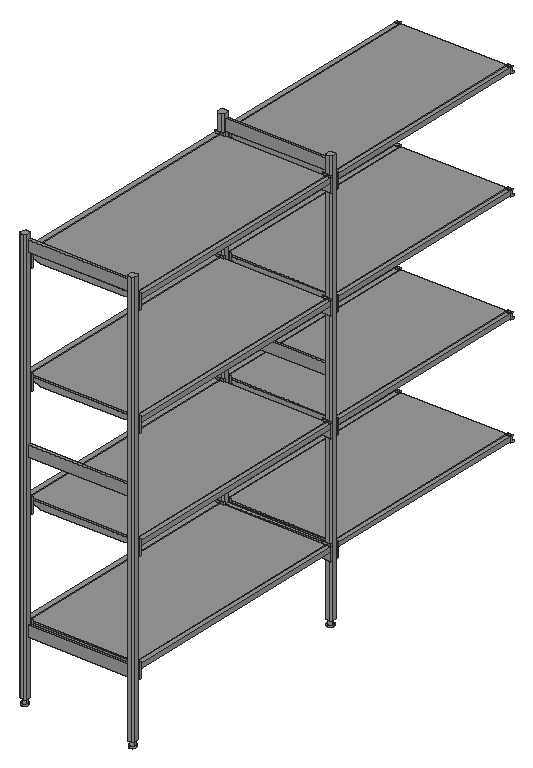
Revit family "QF_ELECTROLUXPROFESSIONAL_137083_CLS1928", category Attrezzature speciali, Revit 2020 (continued)
Definition of nested family "WT_Aggancio475"
  Dimensions and locks
    equal spacing: plane 7, plane 6 "Center (Front/Back)", plane 8
    equal spacing: plane 3 "BACK", plane 6 "Center (Front/Back)", plane 4 "FRONT"
    plane 9 "FEET" to level = 25.0 mm
    plane 5 "TOP" to plane 9 "FEET" = 1700.0 mm
    plane 10 to plane 9 "FEET" = 250.0 mm
    plane 11 to plane 10 = 450.0 mm
    plane 12 to plane 11 = 450.0 mm
    plane 13 to plane 12 = 450.0 mm
    locked: plane 3 "BACK" to plane 15 "CYBack" at 17.5
    locked: plane 16 "CYFront" to plane 4 "FRONT" at 17.5
    aligned and locked: level to plane 1
    aligned and locked: Extrusion 1 sketch curve to Extrusion 1 sketch curve  (x3)
  Automatic sketch dimensions
    plane 16 "CYFront" to Extrusion 1 sketch curve = 1.478 mm  (x4)
    Extrusion 1 sketch curve to Extrusion 1 sketch curve = 2.0 mm
    plane 8 to Extrusion 1 sketch curve = 3.478 mm  (x4)
    Extrusion 1 sketch curve to plane 10 = 4.006 mm
    Extrusion 1 sketch curve to Extrusion 1 sketch curve = 34.0 mm  (x4)
    Extrusion 1 sketch curve to plane 11 = 4.006 mm
    Extrusion 1 sketch curve to plane 12 = 4.006 mm
    Extrusion 1 sketch curve to plane 13 = 4.006 mm
    Extrusion 1 sketch curve to plane 7 = 37.522 mm  (x4)
    Extrusion 1 sketch curve to plane 7 = 3.522 mm  (x4)
    plane 14 to Extrusion 1 sketch curve = 3.516 mm  (x4)
    plane 14 to Extrusion 1 sketch curve = 1.522 mm  (x4)
    plane 10 to Extrusion 1 sketch curve = 7.998 mm  (x2)
    Extrusion 1 sketch curve to Extrusion 1 sketch curve = 11.498 mm  (x4)
    Extrusion 1 sketch curve to Extrusion 1 sketch curve = 6.499 mm  (x8)
    plane 11 to Extrusion 1 sketch curve = 7.998 mm  (x2)
    plane 12 to Extrusion 1 sketch curve = 7.998 mm  (x2)
    plane 13 to Extrusion 1 sketch curve = 7.998 mm  (x2)
    plane 2 "LEFT" to Extrusion 2 sketch curve = 0.0 mm  (x4)
    plane 13 to Extrusion 2 sketch curve = 7.996 mm
    plane 11 to Extrusion 2 sketch curve = 7.996 mm
    Extrusion 2 sketch curve to Extrusion 2 sketch curve = 5.0 mm  (x4)
    plane 11 to Extrusion 2 sketch curve = 2.494 mm
    plane 10 to Extrusion 2 sketch curve = 28.996 mm
    Extrusion 2 sketch curve to Extrusion 2 sketch curve = 3.0 mm  (x4)
    plane 10 to Extrusion 2 sketch curve = 7.996 mm
    plane 10 to Extrusion 2 sketch curve = 2.494 mm
    Extrusion 2 sketch curve to Extrusion 2 sketch curve = 18.0 mm  (x3)
    plane 12 to Extrusion 2 sketch curve = 2.494 mm
    plane 12 to Extrusion 2 sketch curve = 7.996 mm
    plane 13 to Extrusion 2 sketch curve = 2.494 mm
    plane 2 "LEFT" to Extrusion 3 sketch curve = 0.0 mm  (x4)
    plane 13 to Extrusion 3 sketch curve = 7.996 mm
    plane 11 to Extrusion 3 sketch curve = 7.996 mm
    Extrusion 3 sketch curve to Extrusion 3 sketch curve = 5.0 mm  (x4)
    plane 11 to Extrusion 3 sketch curve = 2.494 mm
    plane 10 to Extrusion 3 sketch curve = 28.996 mm
    Extrusion 3 sketch curve to Extrusion 3 sketch curve = 3.0 mm  (x4)
    plane 10 to Extrusion 3 sketch curve = 7.996 mm
    plane 10 to Extrusion 3 sketch curve = 2.494 mm
    Extrusion 3 sketch curve to Extrusion 3 sketch curve = 18.0 mm  (x3)
    plane 12 to Extrusion 3 sketch curve = 2.494 mm
    plane 12 to Extrusion 3 sketch curve = 7.996 mm
    plane 13 to Extrusion 3 sketch curve = 2.494 mm
    plane 2 "LEFT" to curve 1 = 5.0 mm
    plane 2 "LEFT" to curve 7 = 5.0 mm
    curve 1 to plane 16 "CYFront" = 17.5 mm
    curve 3 to plane 8 = 12.522 mm
    plane 7 to curve 5 = 12.478 mm
    curve 7 to plane 14 = 17.5 mm
    curve 5 to curve 5 = 4.0 mm
    curve 1 to curve 4 = 4.0 mm
    Extrusion 2 sketch curve to Extrusion 2 sketch curve = 4.0 mm  (x4)
    Extrusion 2 sketch curve to Extrusion 2 sketch curve = 8.969 mm  (x4)
    Extrusion 3 sketch curve to Extrusion 3 sketch curve = 4.0 mm  (x4)
    Extrusion 3 sketch curve to Extrusion 3 sketch curve = 8.969 mm  (x4)
